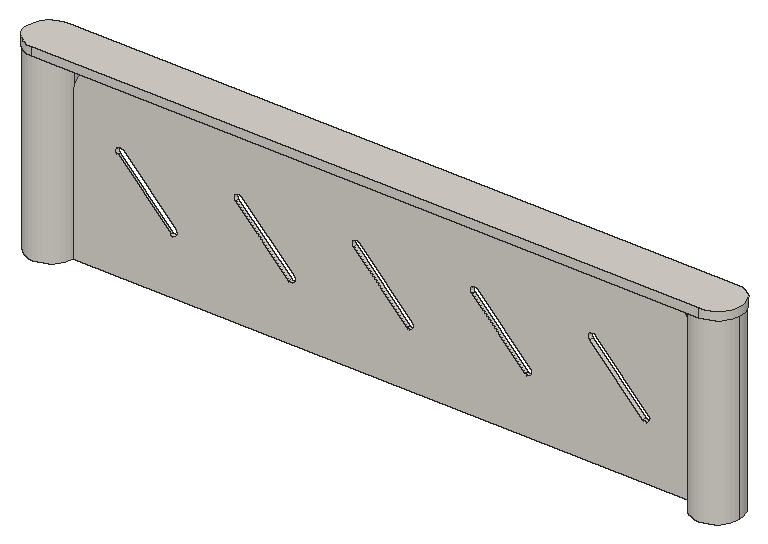
Revit family "shower shelf", category Specialty Equipment, host Face, Revit 2026
Family settings
  Host = Face
  Round Connector Dimension = Use Diameter
  Part Type = Normal
  Enable Cutting in Views = Yes
  Cut with Voids When Loaded = No
  Maintain Annotation Orientation = No
  Shared = No
  Room Calculation Point = No
Parameters (values of type "BRUSHED NICKEL")
  Width = 28.5 mm
  Material = BM_NICKEL
  Length = 429 mm
  Depth = 115 mm
  Default Elevation = 1219.2 mm
Types (6, lengths in mm): name | Material
  (no name) | BM_NICKEL
  MATTE BLACK | BM_MATTE BLACK
  BRUSHED NICKEL | BM_NICKEL
  BRUSHED ANTIQUE BRASS | BM_ANTIQUE BRASS
  BRUSHED BRASS GOLD | BM_BRASS GOLD
  BRUSHED GUNMETAL | BM_GUNMETAL
Reference planes
  plane 1 "Center (Front/Back)": y = 0
  plane 2: z = 0
  plane 3 "Center (Left/Right)": x = 0
  plane 4: x = -214.5
  plane 5: x = 214.5
  plane 6: x = 213.5
  plane 7: x = -186
  plane 8: y = 14.25
  plane 9: y = -14.25
  plane 10: z = 110
  plane 11: z = 108
  plane 12: x = -166
  plane 13: x = 166
  plane 14: x = 186
  plane 15: x = -213.5
  plane 16: z = 115
Forms (mm)
  Extrusion 1, solid, material "BM_NICKEL" <- "Material"
    sketch origin (0, 0, 0) x (1, 0, 0) y (0, 1, 0)
      loop
        circle (-199.75, 0) r 13.75
      loop
        circle (199.75, 0) r 13.75
    from 0 to 110
  Extrusion 2, solid, material "BM_NICKEL" <- "Material"
    sketch origin (0, 0, 110) x (1, 0, 0) y (0, 1, 0)
      loop
        arc (-200.25, 14.25) -> (-214.5, 0) -> (-200.25, -14.25) r 14.25
        line (-200.25, -14.25) -> (200.25, -14.25)
        arc (200.25, -14.25) -> (214.5, 0) -> (200.25, 14.25) r 14.25
        line (200.25, 14.25) -> (-200.25, 14.25)
    from 0 to 5
  Extrusion 3, solid, material "BM_NICKEL" <- "Material"
    sketch origin (0, 0, 0) x (1, 0, 0) y (0, 0, 1)
      loop
        arc (-166, 108) -> (-180.142, 102.142) -> (-186, 88) r 20
        line (-186, 88) -> (-186, 0) -> (186, 0) -> (186, 88)
        arc (186, 88) -> (180.142, 102.142) -> (166, 108) r 20
        line (166, 108) -> (166, 110) -> (-166, 110) -> (-166, 108)
    from -1 to 1
  Extrusion 4, void
    sketch origin (44.208, 0, -14.11) x (0.707107, 0, 0.707107) y (-0.707107, 0, 0.707107)
      loop
        arc (-87.548, 155.334) -> (-86.82, 153.571) -> (-85.061, 152.834) r 2.5
        arc (-85.061, 152.834) -> (-83.283, 153.579) -> (-82.548, 155.361) r 2.527
        line (-82.548, 155.361) -> (-82.548, 200.343)
        arc (-82.548, 200.343) -> (-83.283, 202.125) -> (-85.061, 202.87) r 2.527
        arc (-85.061, 202.87) -> (-86.82, 202.133) -> (-87.548, 200.37) r 2.5
        line (-87.548, 200.37) -> (-87.548, 155.334)
    from -1 to 1
  Extrusion 5, void
    sketch origin (115.145, 0, -14.11) x (0.707107, 0, 0.707107) y (-0.707107, 0, 0.707107)
      loop
        arc (-87.548, 155.334) -> (-86.82, 153.571) -> (-85.061, 152.834) r 2.5
        arc (-85.061, 152.834) -> (-83.283, 153.579) -> (-82.548, 155.361) r 2.527
        line (-82.548, 155.361) -> (-82.548, 200.343)
        arc (-82.548, 200.343) -> (-83.283, 202.125) -> (-85.061, 202.87) r 2.527
        arc (-85.061, 202.87) -> (-86.82, 202.133) -> (-87.548, 200.37) r 2.5
        line (-87.548, 200.37) -> (-87.548, 155.334)
    from -1 to 1
  Extrusion 6, void
    sketch origin (186.083, 0, -14.11) x (0.707107, 0, 0.707107) y (-0.707107, 0, 0.707107)
      loop
        arc (-87.548, 155.334) -> (-86.82, 153.571) -> (-85.061, 152.834) r 2.5
        arc (-85.061, 152.834) -> (-83.283, 153.579) -> (-82.548, 155.361) r 2.527
        line (-82.548, 155.361) -> (-82.548, 200.343)
        arc (-82.548, 200.343) -> (-83.283, 202.125) -> (-85.061, 202.87) r 2.527
        arc (-85.061, 202.87) -> (-86.82, 202.133) -> (-87.548, 200.37) r 2.5
        line (-87.548, 200.37) -> (-87.548, 155.334)
    from -1 to 1
  Extrusion 7, void
    sketch origin (257.02, 0, -14.11) x (0.707107, 0, 0.707107) y (-0.707107, 0, 0.707107)
      loop
        arc (-87.548, 155.334) -> (-86.82, 153.571) -> (-85.061, 152.834) r 2.5
        arc (-85.061, 152.834) -> (-83.283, 153.579) -> (-82.548, 155.361) r 2.527
        line (-82.548, 155.361) -> (-82.548, 200.343)
        arc (-82.548, 200.343) -> (-83.283, 202.125) -> (-85.061, 202.87) r 2.527
        arc (-85.061, 202.87) -> (-86.82, 202.133) -> (-87.548, 200.37) r 2.5
        line (-87.548, 200.37) -> (-87.548, 155.334)
    from -1 to 1
  Extrusion 8, void
    sketch origin (327.958, 0, -14.11) x (0.707107, 0, 0.707107) y (-0.707107, 0, 0.707107)
      loop
        arc (-87.548, 155.334) -> (-86.82, 153.571) -> (-85.061, 152.834) r 2.5
        arc (-85.061, 152.834) -> (-83.283, 153.579) -> (-82.548, 155.361) r 2.527
        line (-82.548, 155.361) -> (-82.548, 200.343)
        arc (-82.548, 200.343) -> (-83.283, 202.125) -> (-85.061, 202.87) r 2.527
        arc (-85.061, 202.87) -> (-86.82, 202.133) -> (-87.548, 200.37) r 2.5
        line (-87.548, 200.37) -> (-87.548, 155.334)
    from -1 to 1
Cuts and joins
  Extrusion 4, Extrusion 5, Extrusion 6, Extrusion 7, Extrusion 8 cuts Extrusion 3
Text (mm)
  text "Refer to www.buildmat.com.au for the most current product literature. \nAllow a +/- 5mm tolerance for dimensions shown in the product literature. \nPlease note product details are subject to change due to ongoing product development." at (-18.416, -1067.726, 0), in view "Ref. Level"
Dimensions and locks
  "Width": plane 8 to plane 9
  "Length": plane 4 to plane 5
  "Depth": plane 16 to host face
  plane 16 to plane 10 = 5 mm
  plane 14 to plane 6 = 27.5 mm
  plane 10 to host face = 110 mm
  plane 4 to plane 5 = 429 mm
  aligned and locked: plane 2 to host face
  aligned and locked: level to host face
Automatic sketch dimensions
  host sketch curve to host sketch curve = 2438.4 mm  (x2)
  plane 1 "Center (Front/Back)" to Extrusion 1 sketch curve = 0 mm  (x2)
  Extrusion 1 sketch curve to plane 7 = 13.75 mm
  plane 6 to Extrusion 1 sketch curve = 13.75 mm
  Extrusion 3 sketch curve to level = 0 mm
  Extrusion 3 sketch curve to plane 7 = 0 mm
  Extrusion 3 sketch curve to plane 12 = 0 mm
  Extrusion 3 sketch curve to plane 11 = 0 mm  (x3)
  plane 13 to Extrusion 3 sketch curve = 0 mm  (x2)
  plane 14 to Extrusion 3 sketch curve = 0 mm
  Extrusion 3 sketch curve to plane 10 = 0 mm
  plane 12 to Extrusion 4 sketch curve = 38.464 mm
  level to Extrusion 4 sketch curve = 33.822 mm
  Extrusion 4 sketch curve to Extrusion 4 sketch curve = 2.473 mm  (x2)
  Extrusion 4 sketch curve to Extrusion 4 sketch curve = 0.027 mm  (x4)
  Extrusion 4 sketch curve to Extrusion 4 sketch curve = 2.5 mm
  Extrusion 4 sketch curve to Extrusion 4 sketch curve = 44.982 mm
  Extrusion 5 sketch curve to plane 3 "Center (Left/Right)" = 56.598 mm
  level to Extrusion 5 sketch curve = 33.822 mm
  Extrusion 5 sketch curve to Extrusion 5 sketch curve = 2.473 mm  (x2)
  Extrusion 5 sketch curve to Extrusion 5 sketch curve = 0.027 mm  (x4)
  Extrusion 5 sketch curve to Extrusion 5 sketch curve = 2.5 mm
  Extrusion 5 sketch curve to Extrusion 5 sketch curve = 44.982 mm
  plane 3 "Center (Left/Right)" to Extrusion 6 sketch curve = 14.339 mm
  level to Extrusion 6 sketch curve = 33.822 mm
  Extrusion 6 sketch curve to Extrusion 6 sketch curve = 2.473 mm  (x2)
  Extrusion 6 sketch curve to Extrusion 6 sketch curve = 0.027 mm  (x4)
  Extrusion 6 sketch curve to Extrusion 6 sketch curve = 2.5 mm
  Extrusion 6 sketch curve to Extrusion 6 sketch curve = 44.982 mm
  level to Extrusion 7 sketch curve = 33.822 mm
  plane 13 to Extrusion 7 sketch curve = 80.723 mm
  Extrusion 7 sketch curve to Extrusion 7 sketch curve = 2.473 mm  (x2)
  Extrusion 7 sketch curve to Extrusion 7 sketch curve = 0.027 mm  (x4)
  Extrusion 7 sketch curve to Extrusion 7 sketch curve = 2.5 mm
  Extrusion 7 sketch curve to Extrusion 7 sketch curve = 44.982 mm
  plane 13 to Extrusion 8 sketch curve = 9.786 mm
  level to Extrusion 8 sketch curve = 33.822 mm
  Extrusion 8 sketch curve to Extrusion 8 sketch curve = 2.473 mm  (x2)
  Extrusion 8 sketch curve to Extrusion 8 sketch curve = 0.027 mm  (x4)
  Extrusion 8 sketch curve to Extrusion 8 sketch curve = 2.5 mm
  Extrusion 8 sketch curve to Extrusion 8 sketch curve = 44.982 mm
  Extrusion 2 sketch curve to Extrusion 2 sketch curve = 400.5 mm
  Extrusion 2 sketch curve to Extrusion 2 sketch curve = 14.25 mm
  radius of Extrusion 1 sketch curve = 13.75 mm  (x2)
